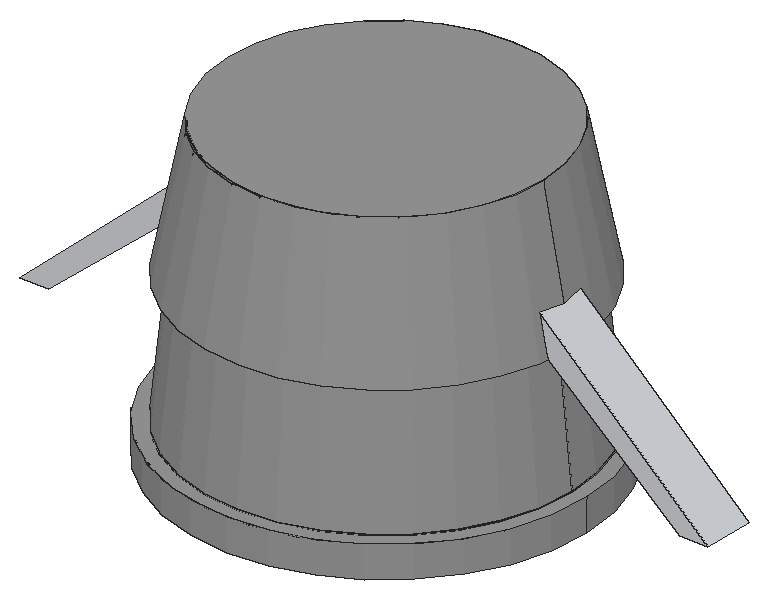
Revit family "KEPLER-DOWN_LIGHT_LED_14W_O140+connect_19_3000K", category Lighting Fixtures, host Ceiling, Revit 2021
Family settings
  Host = Ceiling
  Round Connector Dimension = Use Diameter
  Part Type = Normal
  OmniClass Number = 23.80.70.11
  OmniClass Title = Luminaries for Internal Lighting
  Always vertical = Yes
  Cut with Voids When Loaded = No
  Light Source = Yes
  Shared = No
  Room Calculation Point = No
Parameters
  Wattage = 9.42495 W
  built-in parameter 1150110 = 1 (stored number, unit not read)
  URL = "https://www.lucera.fr/"
  built-in parameter 1114217 = 1 (stored number, unit not read)
  Tilt Angle = 90.00°
  built-in parameter 1150109 = 1 (stored number, unit not read)
  built-in parameter 1150134 = (empty or 0)
  built-in parameter 1150113 = 1 (stored number, unit not read)
  SDCM = "3"
  Puissance nominale = "14W"
  Photometric Web File = "google_eulumdat_converter.ies"
  Matériau = "Aluminium"
  Manufacturer = "Lucera - Lucera (c) 06/01/2021 16:39:37 +01:00"  # constant formula
  Maintien du flux = "L80B10 (50 000 heures)"
  Lumens = 1400 lm
  built-in parameter 1150115 = 1 (stored number, unit not read)
  built-in parameter 1150105 = 111.41 (stored number, unit not read)
  built-in parameter 1150137 = (empty or 0)
  built-in parameter 1150139 = (empty or 0)
  built-in parameter 1150112 = 1 (stored number, unit not read)
  built-in parameter 1150114 = 1 (stored number, unit not read)
  Lamp = "LED XC-COB Bridgelux 2630"
  built-in parameter 1150132 = 2
  built-in parameter 1150102 = (empty or 0)
  built-in parameter 1150138 = (empty or 0)
  built-in parameter 1150107 = 3000 (stored number, unit not read)
  built-in parameter 1150106 = 1.1141 (stored number, unit not read)
  IRC = ">90"
  built-in parameter 1150104 = 13.8 (stored number, unit not read)
  Durée de vie = "50 000 heures"
  Driver = "Driver Lifud TUV CE CCC"
  Dimming Lamp Color Temperature Shift = <None>
  Dimensions = "Ø 140 mm, H = 105mm"
  Dimension découpe = "Ø 120-130 mm"
  Default Elevation = 0.00 mm
  Couleur = "Blanc"
  Color Filter = 16777215
  built-in parameter 1114218 = 1 (stored number, unit not read)
  built-in parameter 1150133 = 10 (stored number, unit not read)
  Angle d'éclairage = "38°"
  Alimentation luminaire = "25-40V dc / 350mA"
  Alimentation Driver = "AC 220-240V"
Reference planes
  plane 1 "Light Source Axis (F/B)": y = 0
  plane 2 "Ceiling": z = 2438.4
  plane 3 "Light Source Axis (L/R)": x = 0
  plane 4 "Light Source Elevation": z = 2427.273
Forms (mm)
  Extrusion 1, solid, material "Aluminum, Blanc"
    sketch origin (0, 0, 2427.273) x (0, -1, 0) y (1, 0, 0)
      loop
        circle (0, 0) r 70
      loop
        circle (0, 0) r 65
    from 0 to 11.127
  Blend 2, solid, material "Aluminum, Blanc"
    base sketch origin (0, 0, 2427.273) x (0, -1, 0) y (1, 0, 0)
      loop
        circle (0, -0.239) r 64.761
    top sketch origin (0, 0, 2427.273) x (0, -1, 0) y (1, 0, 0)
      loop
        circle (0, -0.239) r 55
    from 11.127 to 105
  Blend 3, solid, material "Aluminum, Gris"
    base sketch origin (0.172, 0, 2428.61) x (0, -1, 0) y (1, 0, 0)
      loop
        circle (0, -0.239) r 64.761
    top sketch origin (0.172, 0, 2428.61) x (0, -1, 0) y (1, 0, 0)
      loop
        circle (0, -0.239) r 55
    from 54.951 to 103.664
  Extrusion 4, solid, material "Glass, White, High Luminance"
    sketch origin (0, 0, 2427.273) x (0, -1, 0) y (1, 0, 0)
      loop
        circle (0, -0.239) r 65.169
    from 0 to 11.127
  Extrusion 5, solid
    sketch origin (0, 0, 0) x (1, 0, 0) y (0, 0, 1)
      loop
        line (-64.828, 2483.561) -> (-60.946, 2498.049) -> (-120.397, 2444.519) -> (-110.397, 2444.519) -> (-64.828, 2483.561)
    from -7.984 to 9.634
  Extrusion 6, solid
    sketch origin (-0.478, 0, 0) x (-1, 0, 0) y (0, 0, -1)
      loop
        line (-64.828, -2483.561) -> (-110.397, -2444.519) -> (-120.397, -2444.519) -> (-60.946, -2498.049) -> (-64.828, -2483.561)
    from -7.984 to 9.634
Lines and regions (mm)
  reference lines
    curve 1: line (0, 0, 2427.273) -> (42.5, 0, 2427.273)
    curve 2: line (0, 0, 2427.273) -> (70, 0, 2427.273)
    curve 3: line (0, 0, 2427.273) -> (0, 0, 2532.273)
Dimensions and locks
  equal spacing: host sketch curve, plane 3 "Light Source Axis (L/R)", host sketch curve
  equal spacing: host sketch curve, plane 1 "Light Source Axis (F/B)", host sketch curve
  host sketch curve to host sketch curve = 3048.00 mm  (x2)
  aligned and locked: plane 1 "Light Source Axis (F/B)" to imposter light
  aligned and locked: plane 4 "Light Source Elevation" to imposter light
